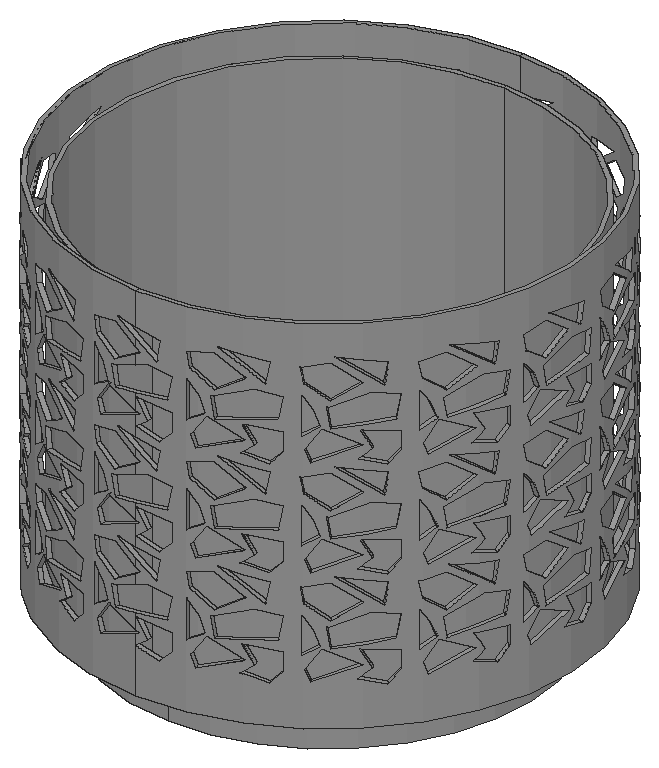
Revit family "14833 Цветочница «Филигран» малая, диаметр 600 мм Хоббика", category Антураж, Revit 2018
Family settings
  На основе рабочей плоскости = Нет
  Всегда вертикально = Да
  При загрузке вырезать с полостями = Нет
  Источник визуального образа = Геометрия семейства
  Общий = Нет
  Точка расчета площади = Нет
Parameters (values of type "Цветочница «Филигран» малая, диаметр 600 мм")
  Ширина = Диаметр  # 600 mm
  Цвет отделки = Сталь окрашеная
  Описание = "Цветочница «Филигран» малая, диаметр 600 мм"  # constant formula
  Материал изделия = "Сталь, съемная оцинкованная вставка"  # constant formula
  Изображение типоразмера = Цветочница «Филигран» малая, диаметр 600 мм Арт 14833.jpg
  Изготовитель = "ООО«Хоббика»"  # constant formula
  Длина = Диаметр  # 600 mm
  Диаметр = 600 mm  # constant formula
  Группа модели = "Цветочницы и уличные вазоны для цветов"  # constant formula
  Высота = 500 mm  # constant formula
  Артикул товара = "Арт. 14833"  # constant formula
  URL = "https://hobbyka.ru/product/tsvetochnitsa_filigran_malaya"
Reference planes
  plane 1 "По центру (Вперед/Назад)": y = 0
  plane 2: z = 0
  plane 3 "По центру (Влево/Вправо)": x = 0
  plane 4: y = 600
  plane 5: x = 600
  plane 6: z = 500
Forms (mm)
  Revolve 1, solid, material "Сталь окрашеная" <- "Цвет отделки"
    sketch origin (300, 0, 0) x (0, 1, 0) y (0, 0, 1)
      loop
        line (5, 500) -> (0, 500) -> (0, 50) -> (50, 50) -> (50, 0) -> (300, 0) -> (300, 5) -> (55, 5) -> (55, 55) -> (5, 55) -> (5, 500)
      axis (300, 500) -> (300, 0)
    angle from 0 to 360
  Revolve 2, solid, material "Сталь"
    sketch origin (300, 0, 0) x (0, 1, 0) y (0, 0, 1)
      loop
        line (30, 475) -> (25, 475) -> (25, 75) -> (300, 75) -> (300, 80) -> (30, 80) -> (30, 475)
      axis (300, 475) -> (300, 75)
    angle from 0 to 360
  Extrusion 3, void
    sketch origin (-150.286, -243.116, 0) x (0, 1, 0) y (0, 0, 1)
      loop
        line (556.066, 463.604) -> (503.268, 454.294) -> (507.609, 429.674) -> (556.066, 463.604)
      loop
        line (588.917, 451.182) -> (559.373, 456.391) -> (526.607, 433.448) -> (559.625, 414.385) -> (585.641, 432.601) -> (588.917, 451.182)
      loop
        line (588.639, 421.248) -> (575.707, 404.292) -> (568.867, 385.498) -> (588.639, 374.083) -> (588.639, 421.248)
      loop
        line (563.682, 406.794) -> (519.831, 422.754) -> (490.287, 417.545) -> (494.976, 390.951) -> (559.492, 383.029) -> (563.682, 406.794)
      loop
        line (584.351, 360.319) -> (568.12, 383.499) -> (527.336, 364.481) -> (579.019, 345.67) -> (584.351, 360.319)
      loop
        line (556.066, 341.604) -> (503.268, 332.294) -> (507.609, 307.674) -> (556.066, 341.604)
      loop
        line (588.917, 329.182) -> (559.373, 334.391) -> (526.607, 311.448) -> (559.625, 292.385) -> (585.641, 310.601) -> (588.917, 329.182)
      loop
        line (588.639, 299.248) -> (575.707, 282.292) -> (568.867, 263.498) -> (588.639, 252.083) -> (588.639, 299.248)
      loop
        line (563.682, 284.794) -> (519.831, 300.754) -> (490.287, 295.545) -> (494.976, 268.951) -> (559.492, 261.029) -> (563.682, 284.794)
      loop
        line (490.287, 355.912) -> (504.429, 341.77) -> (533.407, 349.534) -> (518.941, 360.566) -> (531.441, 382.217) -> (490.287, 377.966) -> (490.287, 355.912)
      loop
        line (584.351, 238.319) -> (568.12, 261.499) -> (527.336, 242.481) -> (579.019, 223.67) -> (584.351, 238.319)
      loop
        line (556.066, 219.604) -> (503.268, 210.294) -> (507.609, 185.674) -> (556.066, 219.604)
      loop
        line (588.917, 207.182) -> (559.373, 212.391) -> (526.607, 189.448) -> (559.625, 170.385) -> (585.641, 188.601) -> (588.917, 207.182)
      loop
        line (588.639, 177.248) -> (575.707, 160.292) -> (568.867, 141.498) -> (588.639, 130.083) -> (588.639, 177.248)
      loop
        line (563.682, 162.794) -> (519.831, 178.754) -> (490.287, 173.545) -> (494.976, 146.951) -> (559.492, 139.029) -> (563.682, 162.794)
      loop
        line (490.287, 233.912) -> (504.429, 219.77) -> (533.407, 227.534) -> (518.941, 238.566) -> (531.441, 260.217) -> (490.287, 255.966) -> (490.287, 233.912)
      loop
        line (584.351, 116.319) -> (568.12, 139.499) -> (527.336, 120.481) -> (579.019, 101.67) -> (584.351, 116.319)
      loop
        line (490.287, 111.912) -> (504.429, 97.77) -> (533.407, 105.534) -> (518.941, 116.566) -> (531.441, 138.217) -> (490.287, 133.966) -> (490.287, 111.912)
    from 142.117 to 170.513
  Extrusion 4, void
    sketch origin (85.956, -372.248, 0) x (-0.374607, 0.927184, 0) y (0, 0, 1)
      loop
        line (556.066, 463.604) -> (503.268, 454.294) -> (507.609, 429.674) -> (556.066, 463.604)
      loop
        line (588.917, 451.182) -> (559.373, 456.391) -> (526.607, 433.448) -> (559.625, 414.385) -> (585.641, 432.601) -> (588.917, 451.182)
      loop
        line (588.639, 421.248) -> (575.707, 404.292) -> (568.867, 385.498) -> (588.639, 374.083) -> (588.639, 421.248)
      loop
        line (563.682, 406.794) -> (519.831, 422.754) -> (490.287, 417.545) -> (494.976, 390.951) -> (559.492, 383.029) -> (563.682, 406.794)
      loop
        line (584.351, 360.319) -> (568.12, 383.499) -> (527.336, 364.481) -> (579.019, 345.67) -> (584.351, 360.319)
      loop
        line (556.066, 341.604) -> (503.268, 332.294) -> (507.609, 307.674) -> (556.066, 341.604)
      loop
        line (588.917, 329.182) -> (559.373, 334.391) -> (526.607, 311.448) -> (559.625, 292.385) -> (585.641, 310.601) -> (588.917, 329.182)
      loop
        line (588.639, 299.248) -> (575.707, 282.292) -> (568.867, 263.498) -> (588.639, 252.083) -> (588.639, 299.248)
      loop
        line (563.682, 284.794) -> (519.831, 300.754) -> (490.287, 295.545) -> (494.976, 268.951) -> (559.492, 261.029) -> (563.682, 284.794)
      loop
        line (490.287, 355.912) -> (504.429, 341.77) -> (533.407, 349.534) -> (518.941, 360.566) -> (531.441, 382.217) -> (490.287, 377.966) -> (490.287, 355.912)
      loop
        line (584.351, 238.319) -> (568.12, 261.499) -> (527.336, 242.481) -> (579.019, 223.67) -> (584.351, 238.319)
      loop
        line (556.066, 219.604) -> (503.268, 210.294) -> (507.609, 185.674) -> (556.066, 219.604)
      loop
        line (588.917, 207.182) -> (559.373, 212.391) -> (526.607, 189.448) -> (559.625, 170.385) -> (585.641, 188.601) -> (588.917, 207.182)
      loop
        line (588.639, 177.248) -> (575.707, 160.292) -> (568.867, 141.498) -> (588.639, 130.083) -> (588.639, 177.248)
      loop
        line (563.682, 162.794) -> (519.831, 178.754) -> (490.287, 173.545) -> (494.976, 146.951) -> (559.492, 139.029) -> (563.682, 162.794)
      loop
        line (490.287, 233.912) -> (504.429, 219.77) -> (533.407, 227.534) -> (518.941, 238.566) -> (531.441, 260.217) -> (490.287, 255.966) -> (490.287, 233.912)
      loop
        line (584.351, 116.319) -> (568.12, 139.499) -> (527.336, 120.481) -> (579.019, 101.67) -> (584.351, 116.319)
      loop
        line (490.287, 111.912) -> (504.429, 97.77) -> (533.407, 105.534) -> (518.941, 116.566) -> (531.441, 138.217) -> (490.287, 133.966) -> (490.287, 111.912)
    from 142.117 to 170.513
  Extrusion 5, void
    sketch origin (353.371, -403.48, 0) x (-0.694658, 0.71934, 0) y (0, 0, 1)
      loop
        line (556.066, 463.604) -> (503.268, 454.294) -> (507.609, 429.674) -> (556.066, 463.604)
      loop
        line (588.917, 451.182) -> (559.373, 456.391) -> (526.607, 433.448) -> (559.625, 414.385) -> (585.641, 432.601) -> (588.917, 451.182)
      loop
        line (588.639, 421.248) -> (575.707, 404.292) -> (568.867, 385.498) -> (588.639, 374.083) -> (588.639, 421.248)
      loop
        line (563.682, 406.794) -> (519.831, 422.754) -> (490.287, 417.545) -> (494.976, 390.951) -> (559.492, 383.029) -> (563.682, 406.794)
      loop
        line (584.351, 360.319) -> (568.12, 383.499) -> (527.336, 364.481) -> (579.019, 345.67) -> (584.351, 360.319)
      loop
        line (556.066, 341.604) -> (503.268, 332.294) -> (507.609, 307.674) -> (556.066, 341.604)
      loop
        line (588.917, 329.182) -> (559.373, 334.391) -> (526.607, 311.448) -> (559.625, 292.385) -> (585.641, 310.601) -> (588.917, 329.182)
      loop
        line (588.639, 299.248) -> (575.707, 282.292) -> (568.867, 263.498) -> (588.639, 252.083) -> (588.639, 299.248)
      loop
        line (563.682, 284.794) -> (519.831, 300.754) -> (490.287, 295.545) -> (494.976, 268.951) -> (559.492, 261.029) -> (563.682, 284.794)
      loop
        line (490.287, 355.912) -> (504.429, 341.77) -> (533.407, 349.534) -> (518.941, 360.566) -> (531.441, 382.217) -> (490.287, 377.966) -> (490.287, 355.912)
      loop
        line (584.351, 238.319) -> (568.12, 261.499) -> (527.336, 242.481) -> (579.019, 223.67) -> (584.351, 238.319)
      loop
        line (556.066, 219.604) -> (503.268, 210.294) -> (507.609, 185.674) -> (556.066, 219.604)
      loop
        line (588.917, 207.182) -> (559.373, 212.391) -> (526.607, 189.448) -> (559.625, 170.385) -> (585.641, 188.601) -> (588.917, 207.182)
      loop
        line (588.639, 177.248) -> (575.707, 160.292) -> (568.867, 141.498) -> (588.639, 130.083) -> (588.639, 177.248)
      loop
        line (563.682, 162.794) -> (519.831, 178.754) -> (490.287, 173.545) -> (494.976, 146.951) -> (559.492, 139.029) -> (563.682, 162.794)
      loop
        line (490.287, 233.912) -> (504.429, 219.77) -> (533.407, 227.534) -> (518.941, 238.566) -> (531.441, 260.217) -> (490.287, 255.966) -> (490.287, 233.912)
      loop
        line (584.351, 116.319) -> (568.12, 139.499) -> (527.336, 120.481) -> (579.019, 101.67) -> (584.351, 116.319)
      loop
        line (490.287, 111.912) -> (504.429, 97.77) -> (533.407, 105.534) -> (518.941, 116.566) -> (531.441, 138.217) -> (490.287, 133.966) -> (490.287, 111.912)
    from 142.117 to 170.513
  Extrusion 6, void
    sketch origin (613.013, -332.262, 0) x (-0.913545, 0.406737, 0) y (0, 0, 1)
      loop
        line (556.066, 463.604) -> (503.268, 454.294) -> (507.609, 429.674) -> (556.066, 463.604)
      loop
        line (588.917, 451.182) -> (559.373, 456.391) -> (526.607, 433.448) -> (559.625, 414.385) -> (585.641, 432.601) -> (588.917, 451.182)
      loop
        line (588.639, 421.248) -> (575.707, 404.292) -> (568.867, 385.498) -> (588.639, 374.083) -> (588.639, 421.248)
      loop
        line (563.682, 406.794) -> (519.831, 422.754) -> (490.287, 417.545) -> (494.976, 390.951) -> (559.492, 383.029) -> (563.682, 406.794)
      loop
        line (584.351, 360.319) -> (568.12, 383.499) -> (527.336, 364.481) -> (579.019, 345.67) -> (584.351, 360.319)
      loop
        line (556.066, 341.604) -> (503.268, 332.294) -> (507.609, 307.674) -> (556.066, 341.604)
      loop
        line (588.917, 329.182) -> (559.373, 334.391) -> (526.607, 311.448) -> (559.625, 292.385) -> (585.641, 310.601) -> (588.917, 329.182)
      loop
        line (588.639, 299.248) -> (575.707, 282.292) -> (568.867, 263.498) -> (588.639, 252.083) -> (588.639, 299.248)
      loop
        line (563.682, 284.794) -> (519.831, 300.754) -> (490.287, 295.545) -> (494.976, 268.951) -> (559.492, 261.029) -> (563.682, 284.794)
      loop
        line (490.287, 355.912) -> (504.429, 341.77) -> (533.407, 349.534) -> (518.941, 360.566) -> (531.441, 382.217) -> (490.287, 377.966) -> (490.287, 355.912)
      loop
        line (584.351, 238.319) -> (568.12, 261.499) -> (527.336, 242.481) -> (579.019, 223.67) -> (584.351, 238.319)
      loop
        line (556.066, 219.604) -> (503.268, 210.294) -> (507.609, 185.674) -> (556.066, 219.604)
      loop
        line (588.917, 207.182) -> (559.373, 212.391) -> (526.607, 189.448) -> (559.625, 170.385) -> (585.641, 188.601) -> (588.917, 207.182)
      loop
        line (588.639, 177.248) -> (575.707, 160.292) -> (568.867, 141.498) -> (588.639, 130.083) -> (588.639, 177.248)
      loop
        line (563.682, 162.794) -> (519.831, 178.754) -> (490.287, 173.545) -> (494.976, 146.951) -> (559.492, 139.029) -> (563.682, 162.794)
      loop
        line (490.287, 233.912) -> (504.429, 219.77) -> (533.407, 227.534) -> (518.941, 238.566) -> (531.441, 260.217) -> (490.287, 255.966) -> (490.287, 233.912)
      loop
        line (584.351, 116.319) -> (568.12, 139.499) -> (527.336, 120.481) -> (579.019, 101.67) -> (584.351, 116.319)
      loop
        line (490.287, 111.912) -> (504.429, 97.77) -> (533.407, 105.534) -> (518.941, 116.566) -> (531.441, 138.217) -> (490.287, 133.966) -> (490.287, 111.912)
    from 142.117 to 170.513
  Extrusion 7, void
    sketch origin (827.07, -168.967, 0) x (-0.999391, 0.034899, 0) y (0, 0, 1)
      loop
        line (556.066, 463.604) -> (503.268, 454.294) -> (507.609, 429.674) -> (556.066, 463.604)
      loop
        line (588.917, 451.182) -> (559.373, 456.391) -> (526.607, 433.448) -> (559.625, 414.385) -> (585.641, 432.601) -> (588.917, 451.182)
      loop
        line (588.639, 421.248) -> (575.707, 404.292) -> (568.867, 385.498) -> (588.639, 374.083) -> (588.639, 421.248)
      loop
        line (563.682, 406.794) -> (519.831, 422.754) -> (490.287, 417.545) -> (494.976, 390.951) -> (559.492, 383.029) -> (563.682, 406.794)
      loop
        line (584.351, 360.319) -> (568.12, 383.499) -> (527.336, 364.481) -> (579.019, 345.67) -> (584.351, 360.319)
      loop
        line (556.066, 341.604) -> (503.268, 332.294) -> (507.609, 307.674) -> (556.066, 341.604)
      loop
        line (588.917, 329.182) -> (559.373, 334.391) -> (526.607, 311.448) -> (559.625, 292.385) -> (585.641, 310.601) -> (588.917, 329.182)
      loop
        line (588.639, 299.248) -> (575.707, 282.292) -> (568.867, 263.498) -> (588.639, 252.083) -> (588.639, 299.248)
      loop
        line (563.682, 284.794) -> (519.831, 300.754) -> (490.287, 295.545) -> (494.976, 268.951) -> (559.492, 261.029) -> (563.682, 284.794)
      loop
        line (490.287, 355.912) -> (504.429, 341.77) -> (533.407, 349.534) -> (518.941, 360.566) -> (531.441, 382.217) -> (490.287, 377.966) -> (490.287, 355.912)
      loop
        line (584.351, 238.319) -> (568.12, 261.499) -> (527.336, 242.481) -> (579.019, 223.67) -> (584.351, 238.319)
      loop
        line (556.066, 219.604) -> (503.268, 210.294) -> (507.609, 185.674) -> (556.066, 219.604)
      loop
        line (588.917, 207.182) -> (559.373, 212.391) -> (526.607, 189.448) -> (559.625, 170.385) -> (585.641, 188.601) -> (588.917, 207.182)
      loop
        line (588.639, 177.248) -> (575.707, 160.292) -> (568.867, 141.498) -> (588.639, 130.083) -> (588.639, 177.248)
      loop
        line (563.682, 162.794) -> (519.831, 178.754) -> (490.287, 173.545) -> (494.976, 146.951) -> (559.492, 139.029) -> (563.682, 162.794)
      loop
        line (490.287, 233.912) -> (504.429, 219.77) -> (533.407, 227.534) -> (518.941, 238.566) -> (531.441, 260.217) -> (490.287, 255.966) -> (490.287, 233.912)
      loop
        line (584.351, 116.319) -> (568.12, 139.499) -> (527.336, 120.481) -> (579.019, 101.67) -> (584.351, 116.319)
      loop
        line (490.287, 111.912) -> (504.429, 97.77) -> (533.407, 105.534) -> (518.941, 116.566) -> (531.441, 138.217) -> (490.287, 133.966) -> (490.287, 111.912)
    from 142.117 to 170.513
  Extrusion 8, void
    sketch origin (964.369, 62.626, 0) x (-0.939693, -0.34202, 0) y (0, 0, 1)
      loop
        line (556.066, 463.604) -> (503.268, 454.294) -> (507.609, 429.674) -> (556.066, 463.604)
      loop
        line (588.917, 451.182) -> (559.373, 456.391) -> (526.607, 433.448) -> (559.625, 414.385) -> (585.641, 432.601) -> (588.917, 451.182)
      loop
        line (588.639, 421.248) -> (575.707, 404.292) -> (568.867, 385.498) -> (588.639, 374.083) -> (588.639, 421.248)
      loop
        line (563.682, 406.794) -> (519.831, 422.754) -> (490.287, 417.545) -> (494.976, 390.951) -> (559.492, 383.029) -> (563.682, 406.794)
      loop
        line (584.351, 360.319) -> (568.12, 383.499) -> (527.336, 364.481) -> (579.019, 345.67) -> (584.351, 360.319)
      loop
        line (556.066, 341.604) -> (503.268, 332.294) -> (507.609, 307.674) -> (556.066, 341.604)
      loop
        line (588.917, 329.182) -> (559.373, 334.391) -> (526.607, 311.448) -> (559.625, 292.385) -> (585.641, 310.601) -> (588.917, 329.182)
      loop
        line (588.639, 299.248) -> (575.707, 282.292) -> (568.867, 263.498) -> (588.639, 252.083) -> (588.639, 299.248)
      loop
        line (563.682, 284.794) -> (519.831, 300.754) -> (490.287, 295.545) -> (494.976, 268.951) -> (559.492, 261.029) -> (563.682, 284.794)
      loop
        line (490.287, 355.912) -> (504.429, 341.77) -> (533.407, 349.534) -> (518.941, 360.566) -> (531.441, 382.217) -> (490.287, 377.966) -> (490.287, 355.912)
      loop
        line (584.351, 238.319) -> (568.12, 261.499) -> (527.336, 242.481) -> (579.019, 223.67) -> (584.351, 238.319)
      loop
        line (556.066, 219.604) -> (503.268, 210.294) -> (507.609, 185.674) -> (556.066, 219.604)
      loop
        line (588.917, 207.182) -> (559.373, 212.391) -> (526.607, 189.448) -> (559.625, 170.385) -> (585.641, 188.601) -> (588.917, 207.182)
      loop
        line (588.639, 177.248) -> (575.707, 160.292) -> (568.867, 141.498) -> (588.639, 130.083) -> (588.639, 177.248)
      loop
        line (563.682, 162.794) -> (519.831, 178.754) -> (490.287, 173.545) -> (494.976, 146.951) -> (559.492, 139.029) -> (563.682, 162.794)
      loop
        line (490.287, 233.912) -> (504.429, 219.77) -> (533.407, 227.534) -> (518.941, 238.566) -> (531.441, 260.217) -> (490.287, 255.966) -> (490.287, 233.912)
      loop
        line (584.351, 116.319) -> (568.12, 139.499) -> (527.336, 120.481) -> (579.019, 101.67) -> (584.351, 116.319)
      loop
        line (490.287, 111.912) -> (504.429, 97.77) -> (533.407, 105.534) -> (518.941, 116.566) -> (531.441, 138.217) -> (490.287, 133.966) -> (490.287, 111.912)
    from 142.117 to 170.513
  Extrusion 9, void
    sketch origin (1004.914, 328.787, 0) x (-0.743145, -0.669131, 0) y (0, 0, 1)
      loop
        line (556.066, 463.604) -> (503.268, 454.294) -> (507.609, 429.674) -> (556.066, 463.604)
      loop
        line (588.917, 451.182) -> (559.373, 456.391) -> (526.607, 433.448) -> (559.625, 414.385) -> (585.641, 432.601) -> (588.917, 451.182)
      loop
        line (588.639, 421.248) -> (575.707, 404.292) -> (568.867, 385.498) -> (588.639, 374.083) -> (588.639, 421.248)
      loop
        line (563.682, 406.794) -> (519.831, 422.754) -> (490.287, 417.545) -> (494.976, 390.951) -> (559.492, 383.029) -> (563.682, 406.794)
      loop
        line (584.351, 360.319) -> (568.12, 383.499) -> (527.336, 364.481) -> (579.019, 345.67) -> (584.351, 360.319)
      loop
        line (556.066, 341.604) -> (503.268, 332.294) -> (507.609, 307.674) -> (556.066, 341.604)
      loop
        line (588.917, 329.182) -> (559.373, 334.391) -> (526.607, 311.448) -> (559.625, 292.385) -> (585.641, 310.601) -> (588.917, 329.182)
      loop
        line (588.639, 299.248) -> (575.707, 282.292) -> (568.867, 263.498) -> (588.639, 252.083) -> (588.639, 299.248)
      loop
        line (563.682, 284.794) -> (519.831, 300.754) -> (490.287, 295.545) -> (494.976, 268.951) -> (559.492, 261.029) -> (563.682, 284.794)
      loop
        line (490.287, 355.912) -> (504.429, 341.77) -> (533.407, 349.534) -> (518.941, 360.566) -> (531.441, 382.217) -> (490.287, 377.966) -> (490.287, 355.912)
      loop
        line (584.351, 238.319) -> (568.12, 261.499) -> (527.336, 242.481) -> (579.019, 223.67) -> (584.351, 238.319)
      loop
        line (556.066, 219.604) -> (503.268, 210.294) -> (507.609, 185.674) -> (556.066, 219.604)
      loop
        line (588.917, 207.182) -> (559.373, 212.391) -> (526.607, 189.448) -> (559.625, 170.385) -> (585.641, 188.601) -> (588.917, 207.182)
      loop
        line (588.639, 177.248) -> (575.707, 160.292) -> (568.867, 141.498) -> (588.639, 130.083) -> (588.639, 177.248)
      loop
        line (563.682, 162.794) -> (519.831, 178.754) -> (490.287, 173.545) -> (494.976, 146.951) -> (559.492, 139.029) -> (563.682, 162.794)
      loop
        line (490.287, 233.912) -> (504.429, 219.77) -> (533.407, 227.534) -> (518.941, 238.566) -> (531.441, 260.217) -> (490.287, 255.966) -> (490.287, 233.912)
      loop
        line (584.351, 116.319) -> (568.12, 139.499) -> (527.336, 120.481) -> (579.019, 101.67) -> (584.351, 116.319)
      loop
        line (490.287, 111.912) -> (504.429, 97.77) -> (533.407, 105.534) -> (518.941, 116.566) -> (531.441, 138.217) -> (490.287, 133.966) -> (490.287, 111.912)
    from 142.117 to 170.513
  Extrusion 10, void
    sketch origin (942.801, 590.757, 0) x (-0.438371, -0.898794, 0) y (0, 0, 1)
      loop
        line (556.066, 463.604) -> (503.268, 454.294) -> (507.609, 429.674) -> (556.066, 463.604)
      loop
        line (588.917, 451.182) -> (559.373, 456.391) -> (526.607, 433.448) -> (559.625, 414.385) -> (585.641, 432.601) -> (588.917, 451.182)
      loop
        line (588.639, 421.248) -> (575.707, 404.292) -> (568.867, 385.498) -> (588.639, 374.083) -> (588.639, 421.248)
      loop
        line (563.682, 406.794) -> (519.831, 422.754) -> (490.287, 417.545) -> (494.976, 390.951) -> (559.492, 383.029) -> (563.682, 406.794)
      loop
        line (584.351, 360.319) -> (568.12, 383.499) -> (527.336, 364.481) -> (579.019, 345.67) -> (584.351, 360.319)
      loop
        line (556.066, 341.604) -> (503.268, 332.294) -> (507.609, 307.674) -> (556.066, 341.604)
      loop
        line (588.917, 329.182) -> (559.373, 334.391) -> (526.607, 311.448) -> (559.625, 292.385) -> (585.641, 310.601) -> (588.917, 329.182)
      loop
        line (588.639, 299.248) -> (575.707, 282.292) -> (568.867, 263.498) -> (588.639, 252.083) -> (588.639, 299.248)
      loop
        line (563.682, 284.794) -> (519.831, 300.754) -> (490.287, 295.545) -> (494.976, 268.951) -> (559.492, 261.029) -> (563.682, 284.794)
      loop
        line (490.287, 355.912) -> (504.429, 341.77) -> (533.407, 349.534) -> (518.941, 360.566) -> (531.441, 382.217) -> (490.287, 377.966) -> (490.287, 355.912)
      loop
        line (584.351, 238.319) -> (568.12, 261.499) -> (527.336, 242.481) -> (579.019, 223.67) -> (584.351, 238.319)
      loop
        line (556.066, 219.604) -> (503.268, 210.294) -> (507.609, 185.674) -> (556.066, 219.604)
      loop
        line (588.917, 207.182) -> (559.373, 212.391) -> (526.607, 189.448) -> (559.625, 170.385) -> (585.641, 188.601) -> (588.917, 207.182)
      loop
        line (588.639, 177.248) -> (575.707, 160.292) -> (568.867, 141.498) -> (588.639, 130.083) -> (588.639, 177.248)
      loop
        line (563.682, 162.794) -> (519.831, 178.754) -> (490.287, 173.545) -> (494.976, 146.951) -> (559.492, 139.029) -> (563.682, 162.794)
      loop
        line (490.287, 233.912) -> (504.429, 219.77) -> (533.407, 227.534) -> (518.941, 238.566) -> (531.441, 260.217) -> (490.287, 255.966) -> (490.287, 233.912)
      loop
        line (584.351, 116.319) -> (568.12, 139.499) -> (527.336, 120.481) -> (579.019, 101.67) -> (584.351, 116.319)
      loop
        line (490.287, 111.912) -> (504.429, 97.77) -> (533.407, 105.534) -> (518.941, 116.566) -> (531.441, 138.217) -> (490.287, 133.966) -> (490.287, 111.912)
    from 142.117 to 170.513
  Extrusion 11, void
    sketch origin (787.075, 810.382, 0) x (-0.069756, -0.997564, 0) y (0, 0, 1)
      loop
        line (556.066, 463.604) -> (503.268, 454.294) -> (507.609, 429.674) -> (556.066, 463.604)
      loop
        line (588.917, 451.182) -> (559.373, 456.391) -> (526.607, 433.448) -> (559.625, 414.385) -> (585.641, 432.601) -> (588.917, 451.182)
      loop
        line (588.639, 421.248) -> (575.707, 404.292) -> (568.867, 385.498) -> (588.639, 374.083) -> (588.639, 421.248)
      loop
        line (563.682, 406.794) -> (519.831, 422.754) -> (490.287, 417.545) -> (494.976, 390.951) -> (559.492, 383.029) -> (563.682, 406.794)
      loop
        line (584.351, 360.319) -> (568.12, 383.499) -> (527.336, 364.481) -> (579.019, 345.67) -> (584.351, 360.319)
      loop
        line (556.066, 341.604) -> (503.268, 332.294) -> (507.609, 307.674) -> (556.066, 341.604)
      loop
        line (588.917, 329.182) -> (559.373, 334.391) -> (526.607, 311.448) -> (559.625, 292.385) -> (585.641, 310.601) -> (588.917, 329.182)
      loop
        line (588.639, 299.248) -> (575.707, 282.292) -> (568.867, 263.498) -> (588.639, 252.083) -> (588.639, 299.248)
      loop
        line (563.682, 284.794) -> (519.831, 300.754) -> (490.287, 295.545) -> (494.976, 268.951) -> (559.492, 261.029) -> (563.682, 284.794)
      loop
        line (490.287, 355.912) -> (504.429, 341.77) -> (533.407, 349.534) -> (518.941, 360.566) -> (531.441, 382.217) -> (490.287, 377.966) -> (490.287, 355.912)
      loop
        line (584.351, 238.319) -> (568.12, 261.499) -> (527.336, 242.481) -> (579.019, 223.67) -> (584.351, 238.319)
      loop
        line (556.066, 219.604) -> (503.268, 210.294) -> (507.609, 185.674) -> (556.066, 219.604)
      loop
        line (588.917, 207.182) -> (559.373, 212.391) -> (526.607, 189.448) -> (559.625, 170.385) -> (585.641, 188.601) -> (588.917, 207.182)
      loop
        line (588.639, 177.248) -> (575.707, 160.292) -> (568.867, 141.498) -> (588.639, 130.083) -> (588.639, 177.248)
      loop
        line (563.682, 162.794) -> (519.831, 178.754) -> (490.287, 173.545) -> (494.976, 146.951) -> (559.492, 139.029) -> (563.682, 162.794)
      loop
        line (490.287, 233.912) -> (504.429, 219.77) -> (533.407, 227.534) -> (518.941, 238.566) -> (531.441, 260.217) -> (490.287, 255.966) -> (490.287, 233.912)
      loop
        line (584.351, 116.319) -> (568.12, 139.499) -> (527.336, 120.481) -> (579.019, 101.67) -> (584.351, 116.319)
      loop
        line (490.287, 111.912) -> (504.429, 97.77) -> (533.407, 105.534) -> (518.941, 116.566) -> (531.441, 138.217) -> (490.287, 133.966) -> (490.287, 111.912)
    from 142.117 to 170.513
  Extrusion 12, void
    sketch origin (560.416, 955.68, 0) x (0.309017, -0.951057, 0) y (0, 0, 1)
      loop
        line (556.066, 463.604) -> (503.268, 454.294) -> (507.609, 429.674) -> (556.066, 463.604)
      loop
        line (588.917, 451.182) -> (559.373, 456.391) -> (526.607, 433.448) -> (559.625, 414.385) -> (585.641, 432.601) -> (588.917, 451.182)
      loop
        line (588.639, 421.248) -> (575.707, 404.292) -> (568.867, 385.498) -> (588.639, 374.083) -> (588.639, 421.248)
      loop
        line (563.682, 406.794) -> (519.831, 422.754) -> (490.287, 417.545) -> (494.976, 390.951) -> (559.492, 383.029) -> (563.682, 406.794)
      loop
        line (584.351, 360.319) -> (568.12, 383.499) -> (527.336, 364.481) -> (579.019, 345.67) -> (584.351, 360.319)
      loop
        line (556.066, 341.604) -> (503.268, 332.294) -> (507.609, 307.674) -> (556.066, 341.604)
      loop
        line (588.917, 329.182) -> (559.373, 334.391) -> (526.607, 311.448) -> (559.625, 292.385) -> (585.641, 310.601) -> (588.917, 329.182)
      loop
        line (588.639, 299.248) -> (575.707, 282.292) -> (568.867, 263.498) -> (588.639, 252.083) -> (588.639, 299.248)
      loop
        line (563.682, 284.794) -> (519.831, 300.754) -> (490.287, 295.545) -> (494.976, 268.951) -> (559.492, 261.029) -> (563.682, 284.794)
      loop
        line (490.287, 355.912) -> (504.429, 341.77) -> (533.407, 349.534) -> (518.941, 360.566) -> (531.441, 382.217) -> (490.287, 377.966) -> (490.287, 355.912)
      loop
        line (584.351, 238.319) -> (568.12, 261.499) -> (527.336, 242.481) -> (579.019, 223.67) -> (584.351, 238.319)
      loop
        line (556.066, 219.604) -> (503.268, 210.294) -> (507.609, 185.674) -> (556.066, 219.604)
      loop
        line (588.917, 207.182) -> (559.373, 212.391) -> (526.607, 189.448) -> (559.625, 170.385) -> (585.641, 188.601) -> (588.917, 207.182)
      loop
        line (588.639, 177.248) -> (575.707, 160.292) -> (568.867, 141.498) -> (588.639, 130.083) -> (588.639, 177.248)
      loop
        line (563.682, 162.794) -> (519.831, 178.754) -> (490.287, 173.545) -> (494.976, 146.951) -> (559.492, 139.029) -> (563.682, 162.794)
      loop
        line (490.287, 233.912) -> (504.429, 219.77) -> (533.407, 227.534) -> (518.941, 238.566) -> (531.441, 260.217) -> (490.287, 255.966) -> (490.287, 233.912)
      loop
        line (584.351, 116.319) -> (568.12, 139.499) -> (527.336, 120.481) -> (579.019, 101.67) -> (584.351, 116.319)
      loop
        line (490.287, 111.912) -> (504.429, 97.77) -> (533.407, 105.534) -> (518.941, 116.566) -> (531.441, 138.217) -> (490.287, 133.966) -> (490.287, 111.912)
    from 142.117 to 170.513
  Extrusion 13, void
    sketch origin (295.831, 1005.489, 0) x (0.642788, -0.766044, 0) y (0, 0, 1)
      loop
        line (556.066, 463.604) -> (503.268, 454.294) -> (507.609, 429.674) -> (556.066, 463.604)
      loop
        line (588.917, 451.182) -> (559.373, 456.391) -> (526.607, 433.448) -> (559.625, 414.385) -> (585.641, 432.601) -> (588.917, 451.182)
      loop
        line (588.639, 421.248) -> (575.707, 404.292) -> (568.867, 385.498) -> (588.639, 374.083) -> (588.639, 421.248)
      loop
        line (563.682, 406.794) -> (519.831, 422.754) -> (490.287, 417.545) -> (494.976, 390.951) -> (559.492, 383.029) -> (563.682, 406.794)
      loop
        line (584.351, 360.319) -> (568.12, 383.499) -> (527.336, 364.481) -> (579.019, 345.67) -> (584.351, 360.319)
      loop
        line (556.066, 341.604) -> (503.268, 332.294) -> (507.609, 307.674) -> (556.066, 341.604)
      loop
        line (588.917, 329.182) -> (559.373, 334.391) -> (526.607, 311.448) -> (559.625, 292.385) -> (585.641, 310.601) -> (588.917, 329.182)
      loop
        line (588.639, 299.248) -> (575.707, 282.292) -> (568.867, 263.498) -> (588.639, 252.083) -> (588.639, 299.248)
      loop
        line (563.682, 284.794) -> (519.831, 300.754) -> (490.287, 295.545) -> (494.976, 268.951) -> (559.492, 261.029) -> (563.682, 284.794)
      loop
        line (490.287, 355.912) -> (504.429, 341.77) -> (533.407, 349.534) -> (518.941, 360.566) -> (531.441, 382.217) -> (490.287, 377.966) -> (490.287, 355.912)
      loop
        line (584.351, 238.319) -> (568.12, 261.499) -> (527.336, 242.481) -> (579.019, 223.67) -> (584.351, 238.319)
      loop
        line (556.066, 219.604) -> (503.268, 210.294) -> (507.609, 185.674) -> (556.066, 219.604)
      loop
        line (588.917, 207.182) -> (559.373, 212.391) -> (526.607, 189.448) -> (559.625, 170.385) -> (585.641, 188.601) -> (588.917, 207.182)
      loop
        line (588.639, 177.248) -> (575.707, 160.292) -> (568.867, 141.498) -> (588.639, 130.083) -> (588.639, 177.248)
      loop
        line (563.682, 162.794) -> (519.831, 178.754) -> (490.287, 173.545) -> (494.976, 146.951) -> (559.492, 139.029) -> (563.682, 162.794)
      loop
        line (490.287, 233.912) -> (504.429, 219.77) -> (533.407, 227.534) -> (518.941, 238.566) -> (531.441, 260.217) -> (490.287, 255.966) -> (490.287, 233.912)
      loop
        line (584.351, 116.319) -> (568.12, 139.499) -> (527.336, 120.481) -> (579.019, 101.67) -> (584.351, 116.319)
      loop
        line (490.287, 111.912) -> (504.429, 97.77) -> (533.407, 105.534) -> (518.941, 116.566) -> (531.441, 138.217) -> (490.287, 133.966) -> (490.287, 111.912)
    from 142.117 to 170.513
  Extrusion 14, void
    sketch origin (31.854, 952.557, 0) x (0.882948, -0.469472, 0) y (0, 0, 1)
      loop
        line (556.066, 463.604) -> (503.268, 454.294) -> (507.609, 429.674) -> (556.066, 463.604)
      loop
        line (588.917, 451.182) -> (559.373, 456.391) -> (526.607, 433.448) -> (559.625, 414.385) -> (585.641, 432.601) -> (588.917, 451.182)
      loop
        line (588.639, 421.248) -> (575.707, 404.292) -> (568.867, 385.498) -> (588.639, 374.083) -> (588.639, 421.248)
      loop
        line (563.682, 406.794) -> (519.831, 422.754) -> (490.287, 417.545) -> (494.976, 390.951) -> (559.492, 383.029) -> (563.682, 406.794)
      loop
        line (584.351, 360.319) -> (568.12, 383.499) -> (527.336, 364.481) -> (579.019, 345.67) -> (584.351, 360.319)
      loop
        line (556.066, 341.604) -> (503.268, 332.294) -> (507.609, 307.674) -> (556.066, 341.604)
      loop
        line (588.917, 329.182) -> (559.373, 334.391) -> (526.607, 311.448) -> (559.625, 292.385) -> (585.641, 310.601) -> (588.917, 329.182)
      loop
        line (588.639, 299.248) -> (575.707, 282.292) -> (568.867, 263.498) -> (588.639, 252.083) -> (588.639, 299.248)
      loop
        line (563.682, 284.794) -> (519.831, 300.754) -> (490.287, 295.545) -> (494.976, 268.951) -> (559.492, 261.029) -> (563.682, 284.794)
      loop
        line (490.287, 355.912) -> (504.429, 341.77) -> (533.407, 349.534) -> (518.941, 360.566) -> (531.441, 382.217) -> (490.287, 377.966) -> (490.287, 355.912)
      loop
        line (584.351, 238.319) -> (568.12, 261.499) -> (527.336, 242.481) -> (579.019, 223.67) -> (584.351, 238.319)
      loop
        line (556.066, 219.604) -> (503.268, 210.294) -> (507.609, 185.674) -> (556.066, 219.604)
      loop
        line (588.917, 207.182) -> (559.373, 212.391) -> (526.607, 189.448) -> (559.625, 170.385) -> (585.641, 188.601) -> (588.917, 207.182)
      loop
        line (588.639, 177.248) -> (575.707, 160.292) -> (568.867, 141.498) -> (588.639, 130.083) -> (588.639, 177.248)
      loop
        line (563.682, 162.794) -> (519.831, 178.754) -> (490.287, 173.545) -> (494.976, 146.951) -> (559.492, 139.029) -> (563.682, 162.794)
      loop
        line (490.287, 233.912) -> (504.429, 219.77) -> (533.407, 227.534) -> (518.941, 238.566) -> (531.441, 260.217) -> (490.287, 255.966) -> (490.287, 233.912)
      loop
        line (584.351, 116.319) -> (568.12, 139.499) -> (527.336, 120.481) -> (579.019, 101.67) -> (584.351, 116.319)
      loop
        line (490.287, 111.912) -> (504.429, 97.77) -> (533.407, 105.534) -> (518.941, 116.566) -> (531.441, 138.217) -> (490.287, 133.966) -> (490.287, 111.912)
    from 142.117 to 170.513
  Extrusion 15, void
    sketch origin (-193.073, 804.591, 0) x (0.994522, -0.104528, 0) y (0, 0, 1)
      loop
        line (556.066, 463.604) -> (503.268, 454.294) -> (507.609, 429.674) -> (556.066, 463.604)
      loop
        line (588.917, 451.182) -> (559.373, 456.391) -> (526.607, 433.448) -> (559.625, 414.385) -> (585.641, 432.601) -> (588.917, 451.182)
      loop
        line (588.639, 421.248) -> (575.707, 404.292) -> (568.867, 385.498) -> (588.639, 374.083) -> (588.639, 421.248)
      loop
        line (563.682, 406.794) -> (519.831, 422.754) -> (490.287, 417.545) -> (494.976, 390.951) -> (559.492, 383.029) -> (563.682, 406.794)
      loop
        line (584.351, 360.319) -> (568.12, 383.499) -> (527.336, 364.481) -> (579.019, 345.67) -> (584.351, 360.319)
      loop
        line (556.066, 341.604) -> (503.268, 332.294) -> (507.609, 307.674) -> (556.066, 341.604)
      loop
        line (588.917, 329.182) -> (559.373, 334.391) -> (526.607, 311.448) -> (559.625, 292.385) -> (585.641, 310.601) -> (588.917, 329.182)
      loop
        line (588.639, 299.248) -> (575.707, 282.292) -> (568.867, 263.498) -> (588.639, 252.083) -> (588.639, 299.248)
      loop
        line (563.682, 284.794) -> (519.831, 300.754) -> (490.287, 295.545) -> (494.976, 268.951) -> (559.492, 261.029) -> (563.682, 284.794)
      loop
        line (490.287, 355.912) -> (504.429, 341.77) -> (533.407, 349.534) -> (518.941, 360.566) -> (531.441, 382.217) -> (490.287, 377.966) -> (490.287, 355.912)
      loop
        line (584.351, 238.319) -> (568.12, 261.499) -> (527.336, 242.481) -> (579.019, 223.67) -> (584.351, 238.319)
      loop
        line (556.066, 219.604) -> (503.268, 210.294) -> (507.609, 185.674) -> (556.066, 219.604)
      loop
        line (588.917, 207.182) -> (559.373, 212.391) -> (526.607, 189.448) -> (559.625, 170.385) -> (585.641, 188.601) -> (588.917, 207.182)
      loop
        line (588.639, 177.248) -> (575.707, 160.292) -> (568.867, 141.498) -> (588.639, 130.083) -> (588.639, 177.248)
      loop
        line (563.682, 162.794) -> (519.831, 178.754) -> (490.287, 173.545) -> (494.976, 146.951) -> (559.492, 139.029) -> (563.682, 162.794)
      loop
        line (490.287, 233.912) -> (504.429, 219.77) -> (533.407, 227.534) -> (518.941, 238.566) -> (531.441, 260.217) -> (490.287, 255.966) -> (490.287, 233.912)
      loop
        line (584.351, 116.319) -> (568.12, 139.499) -> (527.336, 120.481) -> (579.019, 101.67) -> (584.351, 116.319)
      loop
        line (490.287, 111.912) -> (504.429, 97.77) -> (533.407, 105.534) -> (518.941, 116.566) -> (531.441, 138.217) -> (490.287, 133.966) -> (490.287, 111.912)
    from 142.117 to 170.513
  Extrusion 16, void
    sketch origin (-346.192, 583.14, 0) x (0.961262, 0.275637, 0) y (0, 0, 1)
      loop
        line (556.066, 463.604) -> (503.268, 454.294) -> (507.609, 429.674) -> (556.066, 463.604)
      loop
        line (588.917, 451.182) -> (559.373, 456.391) -> (526.607, 433.448) -> (559.625, 414.385) -> (585.641, 432.601) -> (588.917, 451.182)
      loop
        line (588.639, 421.248) -> (575.707, 404.292) -> (568.867, 385.498) -> (588.639, 374.083) -> (588.639, 421.248)
      loop
        line (563.682, 406.794) -> (519.831, 422.754) -> (490.287, 417.545) -> (494.976, 390.951) -> (559.492, 383.029) -> (563.682, 406.794)
      loop
        line (584.351, 360.319) -> (568.12, 383.499) -> (527.336, 364.481) -> (579.019, 345.67) -> (584.351, 360.319)
      loop
        line (556.066, 341.604) -> (503.268, 332.294) -> (507.609, 307.674) -> (556.066, 341.604)
      loop
        line (588.917, 329.182) -> (559.373, 334.391) -> (526.607, 311.448) -> (559.625, 292.385) -> (585.641, 310.601) -> (588.917, 329.182)
      loop
        line (588.639, 299.248) -> (575.707, 282.292) -> (568.867, 263.498) -> (588.639, 252.083) -> (588.639, 299.248)
      loop
        line (563.682, 284.794) -> (519.831, 300.754) -> (490.287, 295.545) -> (494.976, 268.951) -> (559.492, 261.029) -> (563.682, 284.794)
      loop
        line (490.287, 355.912) -> (504.429, 341.77) -> (533.407, 349.534) -> (518.941, 360.566) -> (531.441, 382.217) -> (490.287, 377.966) -> (490.287, 355.912)
      loop
        line (584.351, 238.319) -> (568.12, 261.499) -> (527.336, 242.481) -> (579.019, 223.67) -> (584.351, 238.319)
      loop
        line (556.066, 219.604) -> (503.268, 210.294) -> (507.609, 185.674) -> (556.066, 219.604)
      loop
        line (588.917, 207.182) -> (559.373, 212.391) -> (526.607, 189.448) -> (559.625, 170.385) -> (585.641, 188.601) -> (588.917, 207.182)
      loop
        line (588.639, 177.248) -> (575.707, 160.292) -> (568.867, 141.498) -> (588.639, 130.083) -> (588.639, 177.248)
      loop
        line (563.682, 162.794) -> (519.831, 178.754) -> (490.287, 173.545) -> (494.976, 146.951) -> (559.492, 139.029) -> (563.682, 162.794)
      loop
        line (490.287, 233.912) -> (504.429, 219.77) -> (533.407, 227.534) -> (518.941, 238.566) -> (531.441, 260.217) -> (490.287, 255.966) -> (490.287, 233.912)
      loop
        line (584.351, 116.319) -> (568.12, 139.499) -> (527.336, 120.481) -> (579.019, 101.67) -> (584.351, 116.319)
      loop
        line (490.287, 111.912) -> (504.429, 97.77) -> (533.407, 105.534) -> (518.941, 116.566) -> (531.441, 138.217) -> (490.287, 133.966) -> (490.287, 111.912)
    from 142.117 to 170.513
  Extrusion 17, void
    sketch origin (-405.205, 320.455, 0) x (0.788011, 0.615661, 0) y (0, 0, 1)
      loop
        line (556.066, 463.604) -> (503.268, 454.294) -> (507.609, 429.674) -> (556.066, 463.604)
      loop
        line (588.917, 451.182) -> (559.373, 456.391) -> (526.607, 433.448) -> (559.625, 414.385) -> (585.641, 432.601) -> (588.917, 451.182)
      loop
        line (588.639, 421.248) -> (575.707, 404.292) -> (568.867, 385.498) -> (588.639, 374.083) -> (588.639, 421.248)
      loop
        line (563.682, 406.794) -> (519.831, 422.754) -> (490.287, 417.545) -> (494.976, 390.951) -> (559.492, 383.029) -> (563.682, 406.794)
      loop
        line (584.351, 360.319) -> (568.12, 383.499) -> (527.336, 364.481) -> (579.019, 345.67) -> (584.351, 360.319)
      loop
        line (556.066, 341.604) -> (503.268, 332.294) -> (507.609, 307.674) -> (556.066, 341.604)
      loop
        line (588.917, 329.182) -> (559.373, 334.391) -> (526.607, 311.448) -> (559.625, 292.385) -> (585.641, 310.601) -> (588.917, 329.182)
      loop
        line (588.639, 299.248) -> (575.707, 282.292) -> (568.867, 263.498) -> (588.639, 252.083) -> (588.639, 299.248)
      loop
        line (563.682, 284.794) -> (519.831, 300.754) -> (490.287, 295.545) -> (494.976, 268.951) -> (559.492, 261.029) -> (563.682, 284.794)
      loop
        line (490.287, 355.912) -> (504.429, 341.77) -> (533.407, 349.534) -> (518.941, 360.566) -> (531.441, 382.217) -> (490.287, 377.966) -> (490.287, 355.912)
      loop
        line (584.351, 238.319) -> (568.12, 261.499) -> (527.336, 242.481) -> (579.019, 223.67) -> (584.351, 238.319)
      loop
        line (556.066, 219.604) -> (503.268, 210.294) -> (507.609, 185.674) -> (556.066, 219.604)
      loop
        line (588.917, 207.182) -> (559.373, 212.391) -> (526.607, 189.448) -> (559.625, 170.385) -> (585.641, 188.601) -> (588.917, 207.182)
      loop
        line (588.639, 177.248) -> (575.707, 160.292) -> (568.867, 141.498) -> (588.639, 130.083) -> (588.639, 177.248)
      loop
        line (563.682, 162.794) -> (519.831, 178.754) -> (490.287, 173.545) -> (494.976, 146.951) -> (559.492, 139.029) -> (563.682, 162.794)
      loop
        line (490.287, 233.912) -> (504.429, 219.77) -> (533.407, 227.534) -> (518.941, 238.566) -> (531.441, 260.217) -> (490.287, 255.966) -> (490.287, 233.912)
      loop
        line (584.351, 116.319) -> (568.12, 139.499) -> (527.336, 120.481) -> (579.019, 101.67) -> (584.351, 116.319)
      loop
        line (490.287, 111.912) -> (504.429, 97.77) -> (533.407, 105.534) -> (518.941, 116.566) -> (531.441, 138.217) -> (490.287, 133.966) -> (490.287, 111.912)
    from 142.117 to 170.513
  Extrusion 18, void
    sketch origin (-361.517, 54.791, 0) x (0.5, 0.866025, 0) y (0, 0, 1)
      loop
        line (556.066, 463.604) -> (503.268, 454.294) -> (507.609, 429.674) -> (556.066, 463.604)
      loop
        line (588.917, 451.182) -> (559.373, 456.391) -> (526.607, 433.448) -> (559.625, 414.385) -> (585.641, 432.601) -> (588.917, 451.182)
      loop
        line (588.639, 421.248) -> (575.707, 404.292) -> (568.867, 385.498) -> (588.639, 374.083) -> (588.639, 421.248)
      loop
        line (563.682, 406.794) -> (519.831, 422.754) -> (490.287, 417.545) -> (494.976, 390.951) -> (559.492, 383.029) -> (563.682, 406.794)
      loop
        line (584.351, 360.319) -> (568.12, 383.499) -> (527.336, 364.481) -> (579.019, 345.67) -> (584.351, 360.319)
      loop
        line (556.066, 341.604) -> (503.268, 332.294) -> (507.609, 307.674) -> (556.066, 341.604)
      loop
        line (588.917, 329.182) -> (559.373, 334.391) -> (526.607, 311.448) -> (559.625, 292.385) -> (585.641, 310.601) -> (588.917, 329.182)
      loop
        line (588.639, 299.248) -> (575.707, 282.292) -> (568.867, 263.498) -> (588.639, 252.083) -> (588.639, 299.248)
      loop
        line (563.682, 284.794) -> (519.831, 300.754) -> (490.287, 295.545) -> (494.976, 268.951) -> (559.492, 261.029) -> (563.682, 284.794)
      loop
        line (490.287, 355.912) -> (504.429, 341.77) -> (533.407, 349.534) -> (518.941, 360.566) -> (531.441, 382.217) -> (490.287, 377.966) -> (490.287, 355.912)
      loop
        line (584.351, 238.319) -> (568.12, 261.499) -> (527.336, 242.481) -> (579.019, 223.67) -> (584.351, 238.319)
      loop
        line (556.066, 219.604) -> (503.268, 210.294) -> (507.609, 185.674) -> (556.066, 219.604)
      loop
        line (588.917, 207.182) -> (559.373, 212.391) -> (526.607, 189.448) -> (559.625, 170.385) -> (585.641, 188.601) -> (588.917, 207.182)
      loop
        line (588.639, 177.248) -> (575.707, 160.292) -> (568.867, 141.498) -> (588.639, 130.083) -> (588.639, 177.248)
      loop
        line (563.682, 162.794) -> (519.831, 178.754) -> (490.287, 173.545) -> (494.976, 146.951) -> (559.492, 139.029) -> (563.682, 162.794)
      loop
        line (490.287, 233.912) -> (504.429, 219.77) -> (533.407, 227.534) -> (518.941, 238.566) -> (531.441, 260.217) -> (490.287, 255.966) -> (490.287, 233.912)
      loop
        line (584.351, 116.319) -> (568.12, 139.499) -> (527.336, 120.481) -> (579.019, 101.67) -> (584.351, 116.319)
      loop
        line (490.287, 111.912) -> (504.429, 97.77) -> (533.407, 105.534) -> (518.941, 116.566) -> (531.441, 138.217) -> (490.287, 133.966) -> (490.287, 111.912)
    from 142.117 to 170.513
Cuts and joins
  Extrusion 3, Extrusion 4, Extrusion 5, Extrusion 6, Extrusion 7, Extrusion 8, Extrusion 9, Extrusion 10, Extrusion 11, Extrusion 12, Extrusion 13, Extrusion 14, Extrusion 15, Extrusion 16, Extrusion 17, Extrusion 18 cuts Revolve 1
Lines and regions (mm)
  reference lines
    curve 1: circle (300, 300, 0) r 300 normal (0, 0, 1)
Dimensions and locks
  "Длина": plane 3 "По центру (Влево/Вправо)" to plane 5
  "Ширина": plane 4 to plane 1 "По центру (Вперед/Назад)"
  "Высота": plane 6 to plane 2
  "Диаметр": diameter of curve 1
  aligned and locked: level to plane 2
Automatic sketch dimensions
  plane 3 "По центру (Влево/Вправо)" to curve 1 = 300 mm
  curve 1 to plane 1 "По центру (Вперед/Назад)" = 300 mm
  Revolve 1 sketch curve to plane 1 "По центру (Вперед/Назад)" = 0 mm
  Revolve 1 sketch curve to plane 6 = 0 mm
  Revolve 1 sketch curve to level = 0 mm  (x2)
  Revolve 1 sketch curve to plane 1 "По центру (Вперед/Назад)" = 5 mm
  Revolve 1 sketch curve to plane 1 "По центру (Вперед/Назад)" = 50 mm
  Revolve 1 sketch curve to Revolve 1 sketch curve = 5 mm  (x2)
  Revolve 1 sketch curve to Revolve 1 sketch curve = 245 mm
  level to Revolve 1 sketch curve = 5 mm
  Revolve 1 sketch curve to Revolve 1 sketch curve = 45 mm
  Revolve 1 sketch curve to plane 1 "По центру (Вперед/Назад)" = 300 mm
  plane 6 to Revolve 1 sketch curve = 300 mm
  Revolve 2 sketch curve to plane 1 "По центру (Вперед/Назад)" = 25 mm
  Revolve 2 sketch curve to Revolve 2 sketch curve = 5 mm  (x2)
  level to Revolve 2 sketch curve = 75 mm
  Revolve 2 sketch curve to Revolve 2 sketch curve = 270 mm
  Revolve 2 sketch curve to plane 6 = 25 mm
  Revolve 2 sketch curve to plane 1 "По центру (Вперед/Назад)" = 300 mm
  level to Revolve 2 sketch curve = 25 mm
  plane 6 to Revolve 2 sketch curve = 325 mm
  Extrusion 3 sketch curve to Extrusion 3 sketch curve = 0 mm  (x4)
  Extrusion 3 sketch curve to Extrusion 3 sketch curve = 4.689 mm  (x4)
  Extrusion 3 sketch curve to Extrusion 3 sketch curve = 12.981 mm  (x3)
  Extrusion 3 sketch curve to Extrusion 3 sketch curve = 14.142 mm  (x4)
  Extrusion 3 sketch curve to Extrusion 3 sketch curve = 1.161 mm  (x2)
  Extrusion 3 sketch curve to Extrusion 3 sketch curve = 17.322 mm  (x3)
  Extrusion 3 sketch curve to Extrusion 3 sketch curve = 14.512 mm  (x3)
  Extrusion 3 sketch curve to Extrusion 3 sketch curve = 12.222 mm  (x3)
  Extrusion 3 sketch curve to Extrusion 3 sketch curve = 6.775 mm  (x3)
  Extrusion 3 sketch curve to Extrusion 3 sketch curve = 8.395 mm  (x3)
  Extrusion 3 sketch curve to Extrusion 3 sketch curve = 4.105 mm  (x3)
  Extrusion 3 sketch curve to Extrusion 3 sketch curve = 6.071 mm  (x3)
  Extrusion 3 sketch curve to Extrusion 3 sketch curve = 22.659 mm  (x2)
  Extrusion 3 sketch curve to Extrusion 3 sketch curve = 3.307 mm  (x3)
  Extrusion 3 sketch curve to Extrusion 3 sketch curve = 28.051 mm  (x3)
  Extrusion 3 sketch curve to Extrusion 3 sketch curve = 0.133 mm  (x3)
  Extrusion 3 sketch curve to Extrusion 3 sketch curve = 4.057 mm  (x3)
  Extrusion 3 sketch curve to Extrusion 3 sketch curve = 8.628 mm  (x3)
  Extrusion 3 sketch curve to Extrusion 3 sketch curve = 0.747 mm  (x3)
  Extrusion 3 sketch curve to Extrusion 3 sketch curve = 12.025 mm  (x3)
  Extrusion 3 sketch curve to Extrusion 3 sketch curve = 19.647 mm  (x2)
  Extrusion 3 sketch curve to Extrusion 3 sketch curve = 10.899 mm
  Extrusion 3 sketch curve to Extrusion 3 sketch curve = 5.332 mm  (x3)
  Extrusion 3 sketch curve to Extrusion 3 sketch curve = 9.934 mm  (x3)
  Extrusion 3 sketch curve to Extrusion 3 sketch curve = 2.998 mm  (x2)
  Extrusion 3 sketch curve to Extrusion 3 sketch curve = 4.288 mm
  Extrusion 3 sketch curve to Extrusion 3 sketch curve = 3.276 mm  (x3)
  Extrusion 3 sketch curve to Extrusion 3 sketch curve = 6.92 mm
  Extrusion 3 sketch curve to Extrusion 3 sketch curve = 42.355 mm
  Extrusion 3 sketch curve to Extrusion 3 sketch curve = 12.129 mm  (x3)
  Extrusion 3 sketch curve to Extrusion 3 sketch curve = 6.863 mm  (x3)
  Extrusion 3 sketch curve to Extrusion 3 sketch curve = 7.591 mm  (x3)
  Extrusion 3 sketch curve to Extrusion 3 sketch curve = 2.502 mm  (x3)
  Extrusion 3 sketch curve to Extrusion 3 sketch curve = 18.794 mm  (x3)
  Extrusion 3 sketch curve to Extrusion 3 sketch curve = 1.999 mm  (x3)
  Extrusion 3 sketch curve to Extrusion 3 sketch curve = 0.469 mm  (x3)
  Extrusion 3 sketch curve to Extrusion 3 sketch curve = 0.813 mm  (x3)
  Extrusion 3 sketch curve to Extrusion 3 sketch curve = 12.985 mm  (x3)
  Extrusion 3 sketch curve to Extrusion 3 sketch curve = 9.416 mm  (x3)
  Extrusion 3 sketch curve to Extrusion 3 sketch curve = 17.736 mm  (x3)
  Extrusion 3 sketch curve to Extrusion 3 sketch curve = 3.915 mm  (x3)
  Extrusion 3 sketch curve to Extrusion 3 sketch curve = 13.764 mm  (x3)
  Extrusion 3 sketch curve to Extrusion 3 sketch curve = 22.054 mm  (x3)
  Extrusion 3 sketch curve to Extrusion 3 sketch curve = 14.947 mm  (x3)
  Extrusion 3 sketch curve to Extrusion 3 sketch curve = 4.066 mm  (x2)
  Extrusion 3 sketch curve to Extrusion 3 sketch curve = 7.212 mm  (x2)
  Extrusion 3 sketch curve to Extrusion 3 sketch curve = 9.476 mm  (x2)
  Extrusion 3 sketch curve to Extrusion 3 sketch curve = 16.488 mm  (x2)
  Extrusion 3 sketch curve to Extrusion 3 sketch curve = 3.775 mm  (x2)
  Extrusion 3 sketch curve to Extrusion 3 sketch curve = 10.694 mm  (x3)
  Extrusion 3 sketch curve to Extrusion 3 sketch curve = 11.353 mm  (x3)
  Extrusion 3 sketch curve to Extrusion 3 sketch curve = 18.581 mm
  Extrusion 3 sketch curve to Extrusion 3 sketch curve = 32.851 mm
  Extrusion 3 sketch curve to Extrusion 3 sketch curve = 3.9 mm
  Extrusion 4 sketch curve to Extrusion 4 sketch curve = 0 mm  (x4)
  Extrusion 4 sketch curve to Extrusion 4 sketch curve = 4.689 mm  (x4)
  Extrusion 4 sketch curve to Extrusion 4 sketch curve = 12.981 mm  (x3)
  Extrusion 4 sketch curve to Extrusion 4 sketch curve = 14.142 mm  (x4)
  Extrusion 4 sketch curve to Extrusion 4 sketch curve = 1.161 mm  (x2)
  Extrusion 4 sketch curve to Extrusion 4 sketch curve = 17.322 mm  (x3)
  Extrusion 4 sketch curve to Extrusion 4 sketch curve = 14.512 mm  (x3)
  Extrusion 4 sketch curve to Extrusion 4 sketch curve = 12.222 mm  (x3)
  Extrusion 4 sketch curve to Extrusion 4 sketch curve = 6.775 mm  (x3)
  Extrusion 4 sketch curve to Extrusion 4 sketch curve = 8.395 mm  (x3)
  Extrusion 4 sketch curve to Extrusion 4 sketch curve = 4.105 mm  (x3)
  Extrusion 4 sketch curve to Extrusion 4 sketch curve = 6.071 mm  (x3)
  Extrusion 4 sketch curve to Extrusion 4 sketch curve = 22.659 mm  (x2)
  Extrusion 4 sketch curve to Extrusion 4 sketch curve = 3.307 mm  (x3)
  Extrusion 4 sketch curve to Extrusion 4 sketch curve = 28.051 mm  (x3)
  Extrusion 4 sketch curve to Extrusion 4 sketch curve = 0.133 mm  (x3)
  Extrusion 4 sketch curve to Extrusion 4 sketch curve = 4.057 mm  (x3)
  Extrusion 4 sketch curve to Extrusion 4 sketch curve = 8.628 mm  (x3)
  Extrusion 4 sketch curve to Extrusion 4 sketch curve = 0.747 mm  (x3)
  Extrusion 4 sketch curve to Extrusion 4 sketch curve = 12.025 mm  (x3)
  Extrusion 4 sketch curve to Extrusion 4 sketch curve = 19.647 mm  (x2)
  Extrusion 4 sketch curve to Extrusion 4 sketch curve = 10.899 mm
  Extrusion 4 sketch curve to Extrusion 4 sketch curve = 5.332 mm  (x3)
  Extrusion 4 sketch curve to Extrusion 4 sketch curve = 9.934 mm  (x3)
  Extrusion 4 sketch curve to Extrusion 4 sketch curve = 2.998 mm  (x2)
  Extrusion 4 sketch curve to Extrusion 4 sketch curve = 4.288 mm
  Extrusion 4 sketch curve to Extrusion 4 sketch curve = 3.276 mm  (x3)
  Extrusion 4 sketch curve to Extrusion 4 sketch curve = 6.92 mm
  Extrusion 4 sketch curve to Extrusion 4 sketch curve = 42.355 mm
  Extrusion 4 sketch curve to Extrusion 4 sketch curve = 12.129 mm  (x3)
  Extrusion 4 sketch curve to Extrusion 4 sketch curve = 6.863 mm  (x3)
  Extrusion 4 sketch curve to Extrusion 4 sketch curve = 7.591 mm  (x3)
  Extrusion 4 sketch curve to Extrusion 4 sketch curve = 2.502 mm  (x3)
  Extrusion 4 sketch curve to Extrusion 4 sketch curve = 18.794 mm  (x3)
  Extrusion 4 sketch curve to Extrusion 4 sketch curve = 1.999 mm  (x3)
  Extrusion 4 sketch curve to Extrusion 4 sketch curve = 0.469 mm  (x3)
  Extrusion 4 sketch curve to Extrusion 4 sketch curve = 0.813 mm  (x3)
  Extrusion 4 sketch curve to Extrusion 4 sketch curve = 12.985 mm  (x3)
  Extrusion 4 sketch curve to Extrusion 4 sketch curve = 9.416 mm  (x3)
  Extrusion 4 sketch curve to Extrusion 4 sketch curve = 17.736 mm  (x3)
  Extrusion 4 sketch curve to Extrusion 4 sketch curve = 3.915 mm  (x3)
  Extrusion 4 sketch curve to Extrusion 4 sketch curve = 13.764 mm  (x3)
  Extrusion 4 sketch curve to Extrusion 4 sketch curve = 22.054 mm  (x3)
  Extrusion 4 sketch curve to Extrusion 4 sketch curve = 14.947 mm  (x3)
  Extrusion 4 sketch curve to Extrusion 4 sketch curve = 4.066 mm  (x2)
  Extrusion 4 sketch curve to Extrusion 4 sketch curve = 7.212 mm  (x2)
  Extrusion 4 sketch curve to Extrusion 4 sketch curve = 9.476 mm  (x2)
  Extrusion 4 sketch curve to Extrusion 4 sketch curve = 16.488 mm  (x2)
  Extrusion 4 sketch curve to Extrusion 4 sketch curve = 3.775 mm  (x2)
  Extrusion 4 sketch curve to Extrusion 4 sketch curve = 10.694 mm  (x3)
  Extrusion 4 sketch curve to Extrusion 4 sketch curve = 11.353 mm  (x3)
  Extrusion 4 sketch curve to Extrusion 4 sketch curve = 18.581 mm
  Extrusion 4 sketch curve to Extrusion 4 sketch curve = 32.851 mm
  Extrusion 4 sketch curve to Extrusion 4 sketch curve = 3.9 mm
  Extrusion 5 sketch curve to Extrusion 5 sketch curve = 0 mm  (x4)
  Extrusion 5 sketch curve to Extrusion 5 sketch curve = 4.689 mm  (x4)
  Extrusion 5 sketch curve to Extrusion 5 sketch curve = 12.981 mm  (x3)
  Extrusion 5 sketch curve to Extrusion 5 sketch curve = 14.142 mm  (x4)
  Extrusion 5 sketch curve to Extrusion 5 sketch curve = 1.161 mm  (x2)
  Extrusion 5 sketch curve to Extrusion 5 sketch curve = 17.322 mm  (x3)
  Extrusion 5 sketch curve to Extrusion 5 sketch curve = 14.512 mm  (x3)
  Extrusion 5 sketch curve to Extrusion 5 sketch curve = 12.222 mm  (x3)
  Extrusion 5 sketch curve to Extrusion 5 sketch curve = 6.775 mm  (x3)
  Extrusion 5 sketch curve to Extrusion 5 sketch curve = 8.395 mm  (x3)
  Extrusion 5 sketch curve to Extrusion 5 sketch curve = 4.105 mm  (x3)
  Extrusion 5 sketch curve to Extrusion 5 sketch curve = 6.071 mm  (x3)
  Extrusion 5 sketch curve to Extrusion 5 sketch curve = 22.659 mm  (x2)
  Extrusion 5 sketch curve to Extrusion 5 sketch curve = 3.307 mm  (x3)
  Extrusion 5 sketch curve to Extrusion 5 sketch curve = 28.051 mm  (x3)
  Extrusion 5 sketch curve to Extrusion 5 sketch curve = 0.133 mm  (x3)
  Extrusion 5 sketch curve to Extrusion 5 sketch curve = 4.057 mm  (x3)
  Extrusion 5 sketch curve to Extrusion 5 sketch curve = 8.628 mm  (x3)
  Extrusion 5 sketch curve to Extrusion 5 sketch curve = 0.747 mm  (x3)
  Extrusion 5 sketch curve to Extrusion 5 sketch curve = 12.025 mm  (x3)
  Extrusion 5 sketch curve to Extrusion 5 sketch curve = 19.647 mm  (x2)
  Extrusion 5 sketch curve to Extrusion 5 sketch curve = 10.899 mm
  Extrusion 5 sketch curve to Extrusion 5 sketch curve = 5.332 mm  (x3)
  Extrusion 5 sketch curve to Extrusion 5 sketch curve = 9.934 mm  (x3)
  Extrusion 5 sketch curve to Extrusion 5 sketch curve = 2.998 mm  (x2)
  Extrusion 5 sketch curve to Extrusion 5 sketch curve = 4.288 mm
  Extrusion 5 sketch curve to Extrusion 5 sketch curve = 3.276 mm  (x3)
  Extrusion 5 sketch curve to Extrusion 5 sketch curve = 6.92 mm
  Extrusion 5 sketch curve to Extrusion 5 sketch curve = 42.355 mm
  Extrusion 5 sketch curve to Extrusion 5 sketch curve = 12.129 mm  (x3)
  Extrusion 5 sketch curve to Extrusion 5 sketch curve = 6.863 mm  (x3)
  Extrusion 5 sketch curve to Extrusion 5 sketch curve = 7.591 mm  (x3)
  Extrusion 5 sketch curve to Extrusion 5 sketch curve = 2.502 mm  (x3)
  Extrusion 5 sketch curve to Extrusion 5 sketch curve = 18.794 mm  (x3)
  Extrusion 5 sketch curve to Extrusion 5 sketch curve = 1.999 mm  (x3)
  Extrusion 5 sketch curve to Extrusion 5 sketch curve = 0.469 mm  (x3)
  Extrusion 5 sketch curve to Extrusion 5 sketch curve = 0.813 mm  (x3)
  Extrusion 5 sketch curve to Extrusion 5 sketch curve = 12.985 mm  (x3)
  Extrusion 5 sketch curve to Extrusion 5 sketch curve = 9.416 mm  (x3)
  Extrusion 5 sketch curve to Extrusion 5 sketch curve = 17.736 mm  (x3)
  Extrusion 5 sketch curve to Extrusion 5 sketch curve = 3.915 mm  (x3)
  Extrusion 5 sketch curve to Extrusion 5 sketch curve = 13.764 mm  (x3)
  Extrusion 5 sketch curve to Extrusion 5 sketch curve = 22.054 mm  (x3)
  Extrusion 5 sketch curve to Extrusion 5 sketch curve = 14.947 mm  (x3)
  Extrusion 5 sketch curve to Extrusion 5 sketch curve = 4.066 mm  (x2)
  Extrusion 5 sketch curve to Extrusion 5 sketch curve = 7.212 mm  (x2)
  Extrusion 5 sketch curve to Extrusion 5 sketch curve = 9.476 mm  (x2)
  Extrusion 5 sketch curve to Extrusion 5 sketch curve = 16.488 mm  (x2)
  Extrusion 5 sketch curve to Extrusion 5 sketch curve = 3.775 mm  (x2)
  Extrusion 5 sketch curve to Extrusion 5 sketch curve = 10.694 mm  (x3)
  Extrusion 5 sketch curve to Extrusion 5 sketch curve = 11.353 mm  (x3)
  Extrusion 5 sketch curve to Extrusion 5 sketch curve = 18.581 mm
  Extrusion 5 sketch curve to Extrusion 5 sketch curve = 32.851 mm
  Extrusion 5 sketch curve to Extrusion 5 sketch curve = 3.9 mm
  Extrusion 6 sketch curve to Extrusion 6 sketch curve = 0 mm  (x4)
  Extrusion 6 sketch curve to Extrusion 6 sketch curve = 4.689 mm  (x4)
  Extrusion 6 sketch curve to Extrusion 6 sketch curve = 12.981 mm  (x3)
  Extrusion 6 sketch curve to Extrusion 6 sketch curve = 14.142 mm  (x4)
